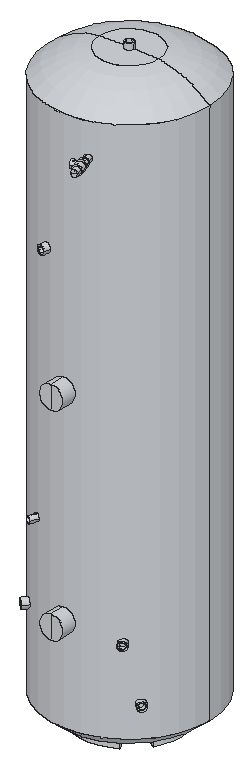
Revit family "AF4300", category Generic Models, Revit 2012
Parameters (values of type "AF4300 Unvented water heater (cylinder).")
  _distributed by = ""
  _current revision = 1
  _created by = ""
  Weight (empty) = "60kg"
  Weight (full) = "357kg"
  Website = "www.zipheaters.co.uk"
  Water inlet Pressure Min/Max = "Min = 0.15 MPa (1.5 bar) Max = 1.2 MPa (12 bar)"
  Water inlet Connection = "15mm BSP"
  WarrantyStartDate = ""
  WarrantyGuarantorParts = ""
  WarrantyGuarantorLabor = ""
  WarrantyDurationUnit = ""
  WarrantyDurationParts = ""
  WarrantyDescription = ""
  Voltage = "230V (50~60Hz)"
  Vent outlet connection (to Tundish outlet). = ""
  Unit Dimensions - W x D x H = "2041mm Height x 545mm Dia."
  Uniclass2 = ""
  Type Comments = "Storage water heater."
  Two Port Zone Valve = "Supplied"
  Thermostat (High Limit) = ""
  Temperature Pressure Relief Valve = "Supplied"
  Technica support /Maintenance number = "0845 6 005 005 or 0345 6 005 005"
  TagNumber = 0
  SerialNumber = 0
  ReplacementCost = ""
  Recovery (167ml cups) cups per hour = ""
  Pull out or Pull Down = ""
  Power Rating = "3kW"
  Percentage of Recycled Content = 0
  Operating Pressure = ""
  No of Holes = 0
  Name = "Unvented water heater"
  ModelNumber = "AF300"
  Model = "AF300"
  Mixing Leaver = yes
  Manufacturer = "Zip Heaters(UK) Ltd"
  Low Emitting Material = yes
  LEED Credit = ""
  Instruction Manual = "Supplied"
  InstallationDate = ""
  Indirect Heat Exchanger (energy rating) = "22.00kW"
  Immersion Heaters (Dependant on size and Configuration). = "Supplied"
  Grommet for Solar Sensor = ""
  Flow Rate = ""
  Finish Options = "Corrosion resistant Duplex stainless steel + High performance CFC free injected polyurethane foam insulation."
  Faucet Material = none
  Expansion Vessel plus bracket = "Supplied"
  Electrical Installation connection = "To be wired to a suitably rated double pole fused spur."
  DurationUnit = ""
  Dual Control Thermostat = "Supplied"
  Delivery (167ml cup) cups per instance = ""
  CreatedOn = ""
  CreatedBy = ""
  Controls = "Thermostat-adjustable to 65 deg. Expansion relief valve to 6 bar, temperature and pressure relief valve  90 deg. 'C'  and 7 bar, Tundish Pressure reducing valve3 bar, Expansion vessel pre charged to 3bar."
  Control Handle Center = yes
  Control Handle = yes
  Cold Water Inlet Set = "Supplied"
  Clearance - RHS = ""
  Clearance - LHS = ""
  Clearance - Beneath Unit = ""
  Clearance - Above Unit = ""
  Capacity = "300 Litres"
  Barcode = 0
  AssetType = "Water Heater"
  AccessibilityPerformance = ""
  3/4" BSP Femalex22mm Connection for Expansion Tank = "Supplied"
  15x22mm Tundish = "Supplied"
Reference planes
  plane 1 "Center (Front/Back)": y = 0
  plane 2: z = 0
  plane 3 "Center (Left/Right)": x = 0
  plane 4 "STAND": z = -1011.25
  plane 5 "ZZZ": through (0, 0, 1200) normal (0.7071, 0.7071, 0)
  plane 6 "INLET": z = -820
  plane 7: through (0, 0, 1200) normal (0.9659, 0.2588, 0)
  plane 8 "PRIMARY": z = -637.317
  plane 9 "Stat.Pocket": z = -342.167
  plane 10 "secondary": z = 497.269
  plane 11 "P & T": z = 816.958
  plane 12 "OUTLET": z = 1011.25
  plane 13: through (0, 0, 1200) normal (0.8192, 0.5736, 0)
  plane 14: through (0, 0, 1200) normal (0.9676, -0.2526, 0)
  plane 15: through (0, 0, 1200) normal (0.9063, -0.4226, 0)
  plane 16: through (0, 0, 1200) normal (0.766, -0.6428, 0)
Forms (mm)
  Revolve 1, solid
    sketch origin (0, 0, 0) x (1, 0, 0) y (0, 0, 1)
      loop
        line (0, 1011.25) -> (0, -1011.25) -> (70, -1011.25)
        arc (70, -1011.25) -> (179.559, -990.178) -> (272.399, -928.306) r 282.298
        line (272.399, -928.306) -> (272.399, 929.109)
        arc (272.399, 929.109) -> (192.95, 984.348) -> (100, 1011.25) r 298.299
        line (100, 1011.25) -> (0, 1011.25)
      axis (0, -1011.25) -> (0, 1011.25)
    angle from 0 to 360
  Revolve 2, solid
    sketch origin (0, 0, -820) x (0, -1, 0) y (1, 0, 0)
      loop
        line (197.79, 213.019) -> (198.07, 216.153) -> (196.932, 217.291) -> (181.082, 201.442) -> (183.648, 198.877) -> (197.79, 213.019)
      axis (207.112, 207.112) -> (191.262, 191.262)
    angle from 0 to 360
  Revolve 3, solid
    sketch origin (0, 0, -637.317) x (-1, 0, 0) y (0, -1, 0)
      loop
        line (-164.058, 215.887) -> (-174.909, 231.384) -> (-177.614, 231.848) -> (-178.807, 231.013) -> (-166.848, 213.933) -> (-164.058, 215.887)
      axis (-167.366, 239.024) -> (-155.407, 221.945)
    angle from 0 to 360
  Revolve 4, solid
    sketch origin (0, 0, -342.167) x (-1, 0, 0) y (0, -1, 0)
      loop
        line (135.77, 265.131) -> (134.793, 265.587) -> (123.318, 240.979) -> (124.295, 240.523) -> (135.77, 265.131)
      axis (125.8, 269.78) -> (114.326, 245.172)
    angle from 0 to 360
  Revolve 5, solid
    sketch origin (0, 0, 497.269) x (-1, 0, 0) y (0, -1, 0)
      loop
        line (59.74, 286.262) -> (54.371, 265.693) -> (57.762, 264.808) -> (62.581, 283.269) -> (61.447, 285.816) -> (59.74, 286.262)
      axis (73.77, 282.599) -> (68.401, 262.031)
    angle from 0 to 360
  Revolve 6, solid
    sketch origin (0, 0, 0) x (0, 1, 0) y (0, 0, 1)
      loop
        line (-330, 97.75) -> (-280, 97.75) -> (-270, 97.75) -> (-270, 123.216) -> (-280, 123.216) -> (-280, 136.75) -> (-330, 136.75) -> (-330, 97.75)
      axis (-270, 97.75) -> (-330, 97.75)
    angle from 0 to 360
  Revolve 7, solid
    sketch origin (0, 0, 0) x (0, 1, 0) y (0, 0, 1)
      loop
        line (-280, -597.25) -> (-265, -597.25) -> (-265, -572.25) -> (-280, -572.25) -> (-280, -558.293) -> (-330, -558.293) -> (-330, -597.25) -> (-280, -597.25)
      axis (-330, -597.25) -> (-265, -597.25)
    angle from 0 to 360
  Extrusion 8, solid
    sketch origin (0, 0, 1011.25) x (-1, 0, 0) y (0, -1, 0)
      loop
        circle (0, 0) r 14.243
      loop
        circle (0, 0) r 11.025
    from 0 to 18.5
  Extrusion 9, solid
    sketch origin (0, 0, -1011.25) x (-1, 0, 0) y (0, -1, 0)
      loop
        line (87.5, -151.554) -> (70, -121.244)
        arc (70, -121.244) -> (0, -140.802) -> (-70, -121.244) r 135.045
        line (-70, -121.244) -> (-87.5, -151.554)
        arc (-87.5, -151.554) -> (0, -175.424) -> (87.5, -151.554) r 172.309
      loop
        line (70, 121.244) -> (87.5, 151.554)
        arc (87.5, 151.554) -> (0, 175.031) -> (-87.5, 151.554) r 174.801
        line (-87.5, 151.554) -> (-70, 121.244)
        arc (-70, 121.244) -> (0, 139.556) -> (70, 121.244) r 142.942
      loop
        arc (-119.365, -68.916) -> (-140.61, 0.431) -> (-122.299, 70.61) r 132.958
        line (-122.299, 70.61) -> (-151.875, 87.685)
        arc (-151.875, 87.685) -> (-175.402, 0) -> (-151.875, -87.685) r 175.16
        line (-151.875, -87.685) -> (-119.365, -68.916)
      loop
        arc (164.267, -81.528) -> (174.674, 0) -> (164.267, 81.528) r 324.521
        line (164.267, 81.528) -> (130.401, 72.454)
        arc (130.401, 72.454) -> (139.46, -0.117) -> (130.401, -72.688) r 295.213
        line (130.401, -72.688) -> (164.267, -81.528)
    from 0 to 50
  Revolve 10, solid
    sketch origin (0, 0, 816.958) x (-1, 0, 0) y (0, -1, 0)
      loop
        line (-84.093, 279.331) -> (-83.114, 279.331) -> (-88.825, 300.644) -> (-95.287, 298.913) -> (-92.301, 287.768) -> (-86.752, 289.255) -> (-86.105, 286.84) -> (-88.135, 286.296) -> (-86.841, 281.466) -> (-85.417, 281.848) -> (-84.899, 279.916) -> (-86.323, 279.535) -> (-80.881, 259.224) -> (-78.851, 259.768) -> (-84.093, 279.331)
      loop
        line (-93.221, 310.763) -> (-98.288, 329.671) -> (-90.81, 338.906) -> (-94.195, 351.539) -> (-103.79, 348.968) -> (-100.468, 330.131) -> (-104.038, 329.175) -> (-98.711, 309.292) -> (-93.221, 310.763)
      axis (-70.224, 262.079) -> (-94.195, 351.539)
    angle from 0 to 360
  Revolve 11, solid
    sketch origin (0, 0, 816.958) x (-1, 0, 0) y (0, -1, 0)
      loop
        line (-91.54, 304.488) -> (-88.909, 294.672) -> (-51.891, 303.218) -> (-52.852, 306.805) -> (-88.563, 298.56) -> (-90.244, 304.835) -> (-91.54, 304.488)
      axis (-91.54, 304.488) -> (-54.864, 314.315)
    angle from 0 to 360
  Revolve 12, solid
    sketch origin (0, 0, -637.317) x (-1, 0, 0) y (0, -1, 0)
      loop
        line (194.453, 215.374) -> (182.505, 201.133) -> (185.786, 198.38) -> (198.932, 214.047) -> (197.181, 215.516) -> (194.453, 215.374)
      axis (187.592, 223.563) -> (174.445, 207.896)
    angle from 0 to 360
Cuts and joins
  joined: Revolve 1, Revolve 2, Revolve 3, Revolve 5, Revolve 12
Dimensions and locks
  aligned and locked: level to plane 2
Connectors
  piping at (0, 0, 1029.75)
    settings: on Extrusion 8, index 1, connector radius 11 mm, flow factor 0, pipe flow 0.0 L/s, pressure drop 0.0 Pa, fitting loss kfactor 0, connector angle 0.00°, fixture units 0, engagement length 0 mm, flow configuration 0, flow direction 2, fitting loss method 0, system type 19, joint type 0, gender type 0, connector reference index -1, connector utility 0, adjustable connector no, is connector primary yes, fitting loss table "", connector description "OUTLET"
  piping at (54.864, -314.315, 816.958)
    settings: on Revolve 11, index 2, connector radius 7.5 mm, flow factor 0, pipe flow 0.0 L/s, pressure drop 0.0 Pa, fitting loss kfactor 0, connector angle 0.00°, fixture units 0, engagement length 0 mm, flow configuration 0, flow direction 2, fitting loss method 0, system type 22, joint type 0, gender type 0, connector reference index -1, connector utility 0, adjustable connector no, is connector primary no, fitting loss table "", connector description "P & T Valve"
  piping at (-73.77, -282.599, 497.269)
    settings: on cut or joined group of Revolve 1, Revolve 2, Revolve 3, Revolve 5, Revolve 12, index 3, connector radius 11 mm, flow factor 0, pipe flow 0.0 L/s, pressure drop 0.0 Pa, fitting loss kfactor 0, connector angle 0.00°, fixture units 0, engagement length 0 mm, flow configuration 0, flow direction 0, fitting loss method 0, system type 22, joint type 0, gender type 0, connector reference index -1, connector utility 0, adjustable connector no, is connector primary no, fitting loss table "", connector description "Secondary Heating"
  piping at (-125.8, -269.78, -342.167)
    settings: on Revolve 4, index 4, connector radius 10 mm, flow factor 0, pipe flow 0.0 L/s, pressure drop 0.0 Pa, fitting loss kfactor 0, connector angle 0.00°, fixture units 0, engagement length 0 mm, flow configuration 0, flow direction 0, fitting loss method 0, system type 22, joint type 0, gender type 0, connector reference index -1, connector utility 0, adjustable connector no, is connector primary no, fitting loss table "", connector description "Stat. Pocket"
  piping at (167.366, -239.024, -637.317)
    settings: on cut or joined group of Revolve 1, Revolve 2, Revolve 3, Revolve 5, Revolve 12, index 5, connector radius 11 mm, flow factor 0, pipe flow 0.0 L/s, pressure drop 0.0 Pa, fitting loss kfactor 0, connector angle 0.00°, fixture units 0, engagement length 0 mm, flow configuration 0, flow direction 0, fitting loss method 0, system type 17, joint type 0, gender type 0, connector reference index -1, connector utility 0, adjustable connector no, is connector primary no, fitting loss table "", connector description "Primary Coil"
  piping at (207.112, -207.112, -820)
    settings: on cut or joined group of Revolve 1, Revolve 2, Revolve 3, Revolve 5, Revolve 12, index 6, connector radius 11 mm, flow factor 0, pipe flow 0.0 L/s, pressure drop 0.0 Pa, fitting loss kfactor 0, connector angle 0.00°, fixture units 0, engagement length 0 mm, flow configuration 0, flow direction 0, fitting loss method 0, system type 20, joint type 0, gender type 0, connector reference index -1, connector utility 1, adjustable connector no, is connector primary no, fitting loss table "", connector description "Inlet"
  piping at (-187.592, -223.563, -637.317)
    settings: on cut or joined group of Revolve 1, Revolve 2, Revolve 3, Revolve 5, Revolve 12, index 7, connector radius 11 mm, flow factor 0, pipe flow 0.0 L/s, pressure drop 0.0 Pa, fitting loss kfactor 0, connector angle 0.00°, fixture units 0, engagement length 0 mm, flow configuration 0, flow direction 0, fitting loss method 0, system type 22, joint type 0, gender type 0, connector reference index -1, connector utility 0, adjustable connector no, is connector primary no, fitting loss table "", connector description "Primary Coil"
